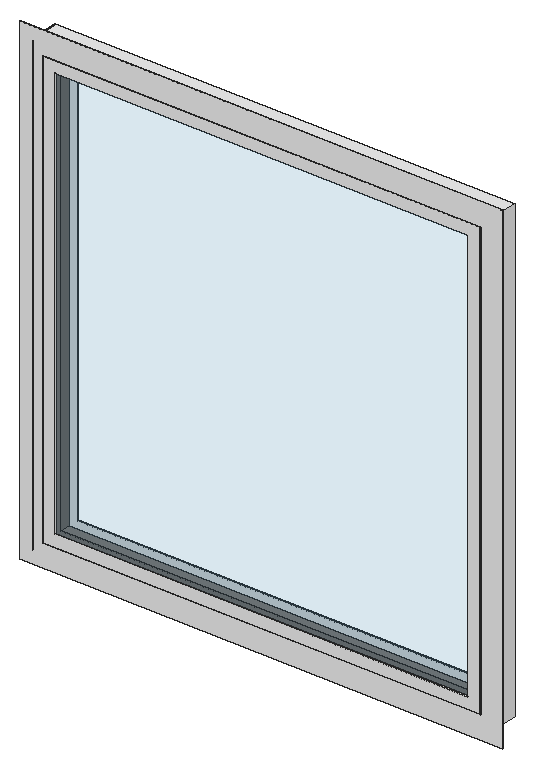
Revit family "Casement_28_D_Top_Hung_Custom", category Windows, host Wall, Revit 2014
Parameters (values of type "Casement_Sash_DG")
  Width Sash [instance] = 30 mm
  Width Sash Inner = 15 mm
  Width Bead = 15 mm
  Top Hung [instance] = yes
  Side Hung Right [instance] = yes
  Side Hung Left [instance] = yes
  Sash Opening Width [instance] = 600 mm
  Sash Opening Height [instance] = 600.312 mm
  Sash Lip = 15 mm
  Glazing Material [instance] = Glass
  DG Start Piece 2 [instance] = DG End Piece 1 + DG Gasket Thickness  # 25 mm
  DG Start Peice 1 [instance] = (Depth Sash - (2 * DG Glazing Thickness) - DG Gasket Thickness) / 2  # 6.6 mm
  Glazing Offset = 5 mm
  DG Glazing Thickness [instance] = 6.4 mm
  DG Gasket Thickness = 12 mm  # constant formula
  DG Gasket Material [instance] = Double Glazing Gasket Material
  DG End Piece 2 [instance] = DG Start Piece 2 + DG Glazing Thickness  # 31.4 mm
  DG End Piece 1 [instance] = DG Start Peice 1 + DG Glazing Thickness  # 13 mm
  Depth Sash [instance] = 38 mm
  Center Vertical Sash [instance] = Sash Opening Height / 2  # 300.156 mm
  Center Horizontal Sash [instance] = Sash Opening Width / 2  # 300 mm
  Bottom Hung [instance] = yes
  Bead Offset = 15 mm
  Aluminium Thickness = 1 mm
  Aluminium Material [instance] = White Powder Coated Aluminium
Reference planes
  plane 1 "Center (Front/Back)": y = 0
  plane 2: z = 0
  plane 3 "Center (Left/Right)": x = 0
Forms (mm)
  Sweep 1, solid, material "White Powder Coated Aluminium" <- "Aluminium Material"
    path origin (16.177, 0, 121.331) x (1, 0, 0) y (0, 0, 1)
      loop
        line (0, 0) -> (600, 0) -> (600, 600.312) -> (0, 600.312) -> (0, 0)
    profile origin (316.177, 0, 121.331) x (0, 0, 1) y (0, -1, 0)
      loop
        line (0, 0) -> (30, 0) -> (30, 1) -> (15, 1) -> (15, 38) -> (-15, 38) -> (-15, 37) -> (0, 37) -> (0, 0)
      loop
        line (14, 1) -> (14, 37) -> (1, 37) -> (1, 1) -> (14, 1)
  Sweep 2, solid, material "White Powder Coated Aluminium" <- "Aluminium Material"
    path origin (0, 0, 0) x (1, 0, 0) y (0, 0, 1)
      loop
        line (31.177, 706.643) -> (31.177, 136.331) -> (601.177, 136.331) -> (601.177, 706.643) -> (31.177, 706.643)
    profile origin (316.177, 0, 706.643) x (0, 0, 1) y (0, -1, 0)
      loop
        line (0, 37) -> (0, 38) -> (-15, 38) -> (-15, 37) -> (0, 37)
  Extrusion 3, solid, material "Glass" <- "Glazing Material"
    sketch origin (0, 0, 0) x (1, 0, 0) y (0, 0, 1)
      loop
        line (36.177, 701.643) -> (36.177, 141.331) -> (596.177, 141.331) -> (596.177, 701.643) -> (36.177, 701.643)
    from 6.6 <- "DG Start Peice 1" to 13 <- "DG End Piece 1"
  Extrusion 4, solid, material "Glass" <- "Glazing Material"
    sketch origin (0, 0, 0) x (1, 0, 0) y (0, 0, 1)
      loop
        line (36.177, 701.643) -> (36.177, 141.331) -> (596.177, 141.331) -> (596.177, 701.643) -> (36.177, 701.643)
    from 31.4 <- "DG End Piece 2" to 25 <- "DG Start Piece 2"
  Sweep 5, solid, material "Double Glazing Gasket Material" <- "DG Gasket Material"
    path origin (0, -13, 0) x (1, 0, 0) y (0, 0, 1)
      loop
        line (36.177, 701.643) -> (36.177, 141.331) -> (596.177, 141.331) -> (596.177, 701.643) -> (36.177, 701.643)
    profile origin (316.177, -13, 701.643) x (0, 0, 1) y (0, -1, 0)
      loop
        line (0, 0) -> (0, 12) -> (-7.96, 12) -> (-7.96, 0) -> (0, 0)
Lines and regions (mm)
  model lines
    curve 1: line (1.177, -38, 736.643) -> (31.177, -38, 706.643)
    curve 2: line (601.177, -38, 706.643) -> (631.177, -38, 736.643)
    curve 3: line (601.177, -38, 136.331) -> (631.177, -38, 106.331)
    curve 4: line (1.177, -38, 106.331) -> (31.177, -38, 136.331)
    curve 5: line (631.177, -37, 736.643) -> (616.177, -37, 721.643)
    curve 6: line (1.177, -37, 736.643) -> (16.177, -37, 721.643)
    curve 7: line (1.177, -37, 106.331) -> (16.177, -37, 121.331)
    curve 8: line (631.177, -37, 106.331) -> (616.177, -37, 121.331)
    curve 9: line (616.177, 0, 121.331) -> (586.177, 0, 151.331)
    curve 10: line (46.177, 0, 151.331) -> (16.177, 0, 121.331)
    curve 11: line (616.177, 0, 721.643) -> (586.177, 0, 691.643)
    curve 12: line (46.177, 0, 691.643) -> (16.177, 0, 721.643)
    curve 13: line (31.177, -38, 691.643) -> (46.177, -38, 691.643)
    curve 14: line (586.177, -38, 691.643) -> (601.177, -38, 691.643)
    curve 15: line (586.177, -38, 151.331) -> (601.177, -38, 151.331)
    curve 16: line (31.177, -38, 151.331) -> (46.177, -38, 151.331)
  model lines, style "GenericModelHiddenLines", visible <- "Top Hung"
    curve 17: line (46.386, -31.4, 690.914) -> (316.177, -31.4, 151.331)
    curve 18: line (316.177, -31.4, 151.331) -> (586.177, -31.4, 691.331)
  model lines, style "GenericModelHiddenLines", visible <- "Bottom Hung"
    curve 19: line (46.177, -31.4, 151.331) -> (316.177, -31.4, 691.331)
    curve 20: line (316.177, -31.4, 691.331) -> (586.177, -31.4, 151.331)
  model lines, style "GenericModelHiddenLines", visible <- "Side Hung Left"
    curve 21: line (46.386, -31.4, 690.914) -> (585.24, -31.4, 421.487)
    curve 22: line (585.24, -31.4, 421.487) -> (46.177, -31.4, 151.331)
  model lines, style "GenericModelHiddenLines", visible <- "Side Hung Right"
    curve 23: line (586.177, -31.4, 691.331) -> (46.177, -31.4, 421.487)
    curve 24: line (46.177, -31.4, 421.487) -> (586.177, -31.4, 151.331)
Dimensions and locks
  "Aluminium Thickness": Sweep 1 sketch curve to Sweep 1 sketch curve  (x4)
  "Depth Sash": Sweep 1 sketch curve to Sweep 1 sketch curve
  "Sash Opening Width": Sweep 1 to Sweep 1
  "Sash Opening Height": Sweep 1 to Sweep 1
  "Width Sash": Sweep 1 sketch curve to Sweep 1 sketch curve  (x2)
  "Width Sash Inner": Sweep 1 sketch curve to Sweep 1 sketch curve
  "Sash Lip": Sweep 1 sketch curve to Sweep 1 sketch curve
  "Aluminium Thickness": Sweep 1 to Sweep 2 sketch curve
  "Glazing Offset": Sweep 2 to Extrusion 3 sketch curve  (x3)
  "Glazing Offset": Extrusion 3 sketch curve to Sweep 2
  Sweep 1 to Sweep 1 = 1 mm
  "Aluminium Thickness": Sweep 2 sketch curve to Sweep 2 sketch curve
  "Width Bead": Sweep 2 sketch curve to Sweep 2 sketch curve
  locked: Sweep 5 sketch curve to Sweep 5 sketch curve at 7.96
  "Center Horizontal Sash": Sweep 1 to curve 18
  "Center Horizontal Sash": Sweep 1 to curve 20
  "Center Vertical Sash": Sweep 1 to curve 22
  "Center Vertical Sash": Sweep 1 to curve 24
  aligned and locked: level to plane 2
  aligned and locked: Sweep 1 sketch curve to Sweep 1 sketch curve  (x2)
  aligned and locked: Sweep 2 sketch curve to Sweep 1  (x5)
  aligned and locked: Extrusion 4 sketch curve to Extrusion 3  (x4)
  aligned and locked: Sweep 5 sketch curve to Extrusion 3  (x5)
  aligned and locked: Extrusion 3 to Sweep 5 sketch curve
Automatic sketch dimensions
  plane 3 "Center (Left/Right)" to Sweep 1 sketch curve = 16.177 mm
  level to Sweep 1 sketch curve = 121.331 mm
  plane 3 "Center (Left/Right)" to Sweep 1 sketch curve = 616.177 mm
  level to Sweep 1 sketch curve = 721.643 mm
  profile plane to Sweep 5 sketch curve = 12 mm
  curve 7 to Sweep 1 = 0 mm  (x4)
  curve 6 to Sweep 1 = 0 mm  (x3)
  Sweep 1 to curve 6 = 0 mm
  curve 5 to Sweep 1 = 0 mm  (x3)
  curve 8 to Sweep 1 = 0 mm  (x4)
  Sweep 1 to curve 5 = 0 mm
  curve 16 to Sweep 2 = 0 mm  (x3)
  curve 13 to Sweep 2 = 0 mm  (x3)
  curve 15 to Sweep 2 = 0 mm
  Sweep 2 to curve 15 = 0 mm  (x2)
  curve 14 to Sweep 2 = 0 mm  (x2)
  Sweep 2 to curve 14 = 0 mm
  curve 1 to Sweep 1 = 0 mm  (x4)
  curve 4 to Sweep 1 = 0 mm  (x3)
  Sweep 1 to curve 4 = 0 mm
  curve 3 to Sweep 1 = 0 mm  (x3)
  curve 2 to Sweep 1 = 0 mm  (x4)
  Sweep 1 to curve 3 = 0 mm
  curve 10 to Sweep 1 = 0 mm  (x4)
  curve 12 to Sweep 1 = 0 mm  (x3)
  Sweep 1 to curve 12 = 0 mm
  curve 9 to Sweep 1 = 0 mm  (x4)
  curve 11 to Sweep 1 = 0 mm  (x3)
  Sweep 1 to curve 11 = 0 mm
  Sweep 1 sketch curve to plane 1 "Center (Front/Back)" = 0 mm
  profile plane to Sweep 1 sketch curve = 0 mm
  curve 21 to Extrusion 4 = 10.208 mm
  curve 19 to Extrusion 4 = 10 mm
  curve 23 to Extrusion 4 = 10 mm  (x2)
  curve 22 to Extrusion 4 = 10.937 mm
  curve 20 to Extrusion 4 = 10 mm
  curve 24 to Extrusion 4 = 10 mm
  curve 22 to Extrusion 4 = 10 mm
  curve 18 to Extrusion 4 = 10 mm
  curve 21 to Extrusion 4 = 10.729 mm
  curve 19 to Extrusion 4 = 10.312 mm
  curve 18 to Extrusion 4 = 10.312 mm
